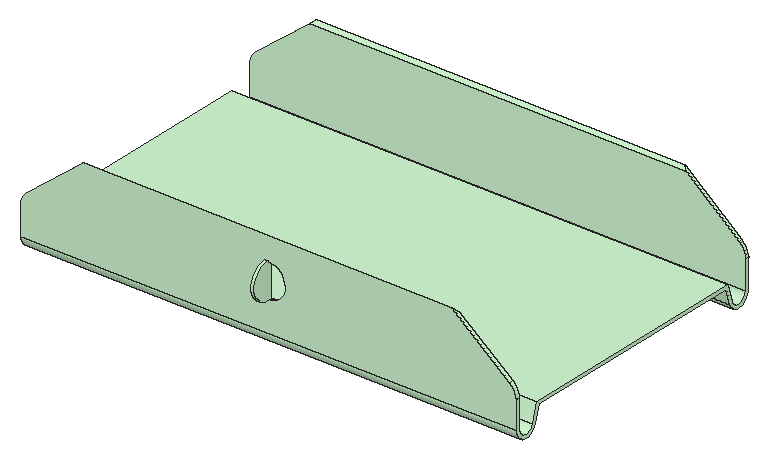
Revit family "joint_cw19", category 機械設備, Revit 2022
Family settings
  丸型コネクタ寸法 = 直径を使用
  種別 = なし
  パーツ タイプ = 標準
  作業面ベース = いいえ
  常に垂直 = はい
  ロード時にボイドで切り取り = いいえ
  注釈の向きを維持 = いいえ
  共有 = いいえ
  部屋計算ポイント = いいえ
Parameters
  製造元 = "株式会社桐井製作所"
  既定の高さ = 0 mm
  URL = "https://www.kirii.co.jp/"
  K_材質 = "SGCC　一般用"
  K_品名 = "CW-19用ジョイント"
  K_名称 = "野縁ジョイント"
  K_単位質量(kg/個) = 0.029
  K_入数 = "200"
  K_バージョン情報 = "20210524"
  K_めっき付着量 = "Z12"
  K_JIS規格 = "JIS G 3302"
  K_JIS外 [instance] = not(K_JIS)  # no
  K_JIS [instance] = yes
Reference planes
  plane 1 "中心(正面/背面)": y = 0
  plane 2: z = 0
  plane 3 "中心(左/右)": x = 0
Forms (mm)
  Extrusion 1, solid
    sketch origin (0, 0, 0) x (0, 1, 0) y (0, 0, 1)
      loop
        line (20.385, 4.53) -> (-20.385, 4.53) -> (-21.352, 1.547)
        arc (-21.352, 1.547) -> (-22.967, 0.546) -> (-24.22, 1.976) r 1.47
        line (-24.22, 1.976) -> (-24.459, 16.547) -> (-25, 17.191) -> (-24.75, 1.967)
        arc (-24.75, 1.967) -> (-23.046, 0.022) -> (-20.847, 1.384) r 2
        line (-20.847, 1.384) -> (-20, 4) -> (20, 4) -> (20.847, 1.384)
        arc (20.847, 1.384) -> (23.046, 0.022) -> (24.75, 1.967) r 2
        line (24.75, 1.967) -> (25, 17.191) -> (24.459, 16.547) -> (24.22, 1.976)
        arc (24.22, 1.976) -> (22.967, 0.546) -> (21.352, 1.547) r 1.47
        line (21.352, 1.547) -> (20.385, 4.53)
    from -42.5 to 42.5
  Extrusion 2, solid
    sketch origin (0, -13.587, -0.882) x (0, 0.997137, -0.075613) y (0, 0.075613, 0.997137)
      loop
        arc (-12.378, 13.168) -> (-15.089, 9.905) -> (-11.826, 7.194) r 3
        line (-11.826, 7.194) -> (-12.378, 13.168)
    from -0.5 to 0
  Extrusion 3, void
    sketch origin (0, -13.071, 0.1) x (1, 0, 0) y (0, -0.008054, 0.999968)
      loop
        arc (0, 7.2) -> (3, 10.2) -> (0, 13.2) r 3
        line (0, 13.2) -> (0, 7.2)
    from 11 to 12
  Extrusion 4, void
    sketch origin (0, 0, 0) x (1, 0, 0) y (0, 0, 1)
      loop
        line (31.511, 17.191) -> (41.4, 9.1)
        arc (41.4, 9.1) -> (42.211, 8.063) -> (42.5, 6.778) r 3
        line (42.5, 6.778) -> (42.5, 17.191) -> (31.511, 17.191)
      loop
        line (-42.5, 17.191) -> (-42.5, 6.778)
        arc (-42.5, 6.778) -> (-42.211, 8.063) -> (-41.4, 9.1) r 3
        line (-41.4, 9.1) -> (-31.511, 17.191) -> (-42.5, 17.191)
    from -26 to 26
Cuts and joins
  Extrusion 3, Extrusion 4 cuts Extrusion 1
  joined: Extrusion 1, Extrusion 2
Dimensions and locks
  aligned and locked: level to plane 2
